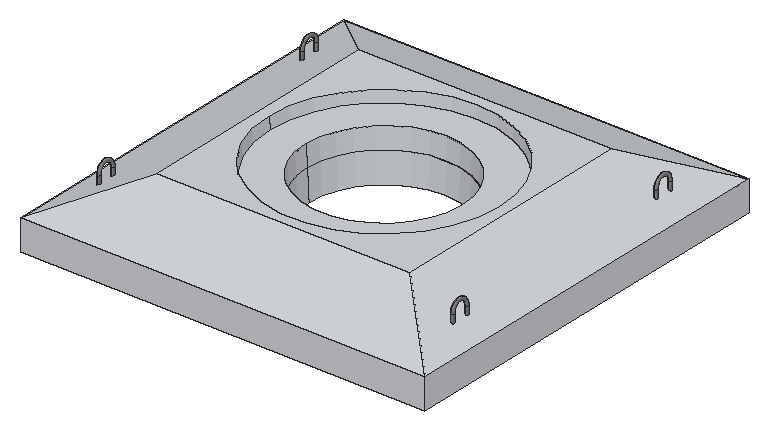
Revit family "110402-00004 Плита перекрытия колодца ККСр-2 ОП-1к-80", category Обобщенные модели, Revit 2019
Family settings
  Может служить основой для арматурных стержней = Нет
  Размер круглого соединителя = Использовать диаметр
  Тип детали = Нормальный
  На основе рабочей плоскости = Нет
  Всегда вертикально = Да
  При загрузке вырезать с полостями = Нет
  Общий = Нет
  Точка расчета площади = Нет
Parameters (values of type "Плита перекрытия колодца ККСр-2 "ОП-1к-80"")
  ADSK_Ширина [instance] = 1600 mm
  ADSK_Ссылка на сайт = "https://www.ssd.ru/plita-opornaya-op-1k-80"
  ADSK_Сертификат соответствия = "https://www.ssd.ru/upload/iblock/ec0/sert_b25_0221.pdf"
  ADSK_Наименование = "Плита перекрытия колодца ККСр-2 \"ОП-1к-80\""
  ADSK_Масса = "1113"
  ADSK_Марка бетона = "В25"
  ADSK_Марка = "ККСр-2 \"ОП-1к-80\""
  ADSK_Код изделия = "110402-00004"
  ADSK_Изготовитель = "АО СВЯЗЬСТРОЙДЕТАЛЬ"
  ADSK_Длина [instance] = 1600 mm
  ADSK_Высота осн [instance] = 250 mm
  ADSK_Высота [instance] = 120 mm
Reference planes
  plane 1 "По центру (Вперед/Назад)": y = 0
  plane 2: z = 0
  plane 3 "По центру (Влево/Вправо)": x = 0
  plane 4: x = -800
  plane 5: x = 800
  plane 6: y = 800
  plane 7: y = -800
  plane 8: z = 120
  plane 9: z = 250
  plane 10: z = 205
Forms (mm)
  Extrusion 1, solid
    sketch origin (0, 0, 0) x (1, 0, 0) y (0, 1, 0)
      loop
        line (-800, 800) -> (-800, -800) -> (800, -800) -> (800, 800) -> (-800, 800)
    from 0 to 120
  Blend 2, solid
    base sketch origin (0, 0, 0) x (1, 0, 0) y (0, 1, 0)
      loop
        line (-800, 800) -> (-800, -800) -> (800, -800) -> (800, 800) -> (-800, 800)
    top sketch origin (0, 0, 0) x (1, 0, 0) y (0, 1, 0)
      loop
        line (-500, 500) -> (-500, -500) -> (500, -500) -> (500, 500) -> (-500, 500)
    from 120 to 250
  Blend 3, void
    base sketch origin (0, 0, 0) x (1, 0, 0) y (0, 1, 0)
      loop
        circle (0, 0) r 452.5
    top sketch origin (0, 0, 0) x (1, 0, 0) y (0, 1, 0)
      loop
        circle (0, 0) r 457.5
    from 205 to 250
  Blend 4, void
    base sketch origin (0, 0, 0) x (1, 0, 0) y (0, 1, 0)
      loop
        circle (0, 0) r 300
    top sketch origin (0, 0, 0) x (1, 0, 0) y (0, 1, 0)
      loop
        circle (0, 0) r 310
    from 0 to 205
  Sweep 5, solid, material "Ж/Б", detail levels fine
    path origin (0, 38, -90) x (0, 1, 0) y (0, 0, 1)
      loop
        line (500, 250) -> (500, 285)
        arc (500, 285) -> (465, 320) -> (430, 285) r 35
        line (430, 285) -> (430, 250)
    profile origin (0, 538, 177.5) x (0, -1, 0) y (1, 0, 0)
      loop
        circle (0, -700) r 6
  Sweep 6, solid, material "Ж/Б", detail levels fine
    path origin (0, 38, -90) x (0, 1, 0) y (0, 0, -1)
      loop
        line (500, -250) -> (500, -285)
        arc (500, -285) -> (465, -320) -> (430, -285) r 35
        line (430, -285) -> (430, -250)
    profile origin (0, 538, 177.5) x (0, 1, 0) y (-1, 0, 0)
      loop
        circle (0, -700) r 6
  Sweep 7, solid, material "Ж/Б", detail levels fine
    path origin (0, -38, -90) x (0, -1, 0) y (0, 0, 1)
      loop
        line (500, 250) -> (500, 285)
        arc (500, 285) -> (465, 320) -> (430, 285) r 35
        line (430, 285) -> (430, 250)
    profile origin (0, -538, 177.5) x (0, 1, 0) y (-1, 0, 0)
      loop
        circle (0, -700) r 6
  Sweep 8, solid, material "Ж/Б", detail levels fine
    path origin (0, -38, -90) x (0, -1, 0) y (0, 0, -1)
      loop
        line (500, -250) -> (500, -285)
        arc (500, -285) -> (465, -320) -> (430, -285) r 35
        line (430, -285) -> (430, -250)
    profile origin (0, -538, 177.5) x (0, -1, 0) y (1, 0, 0)
      loop
        circle (0, -700) r 6
Cuts and joins
  Blend 3, Blend 4 cuts Extrusion 1
  Blend 3, Blend 4 cuts Blend 2
Dimensions and locks
  "ADSK_Длина": plane 4 to plane 5
  "ADSK_Ширина": plane 6 to plane 7
  equal spacing: plane 4, plane 3 "По центру (Влево/Вправо)", plane 5
  equal spacing: plane 6, plane 1 "По центру (Вперед/Назад)", plane 7
  "ADSK_Высота": level to plane 8
  plane 9 to plane 8 = 130 mm
  "ADSK_Высота осн": level to plane 9
  aligned and locked: level to plane 2
  aligned and locked: Extrusion 1 to plane 7
  aligned and locked: plane 5 to Extrusion 1
  aligned and locked: plane 6 to Extrusion 1
  aligned and locked: Extrusion 1 to plane 4
  aligned and locked: plane 8 to Extrusion 1
  aligned and locked: Blend 2 sketch curve to Extrusion 1  (x4)
  aligned and locked: Blend 2 to Extrusion 1
  aligned and locked: plane 9 to Blend 2
  aligned and locked: Blend 3 to plane 10
  aligned and locked: plane 9 to Blend 3
  aligned and locked: plane 10 to Blend 4
  aligned and locked: Blend 4 to level
Automatic sketch dimensions
  Extrusion 1 sketch curve to plane 4 = 0 mm
  Extrusion 1 sketch curve to plane 5 = 0 mm
  Extrusion 1 sketch curve to plane 7 = 0 mm
  Extrusion 1 sketch curve to plane 6 = 0 mm
  plane 4 to Blend 2 sketch curve = 300 mm
  Blend 2 sketch curve to plane 5 = 300 mm
  plane 7 to Blend 2 sketch curve = 300 mm
  Blend 2 sketch curve to plane 6 = 300 mm
  plane 1 "По центру (Вперед/Назад)" to Blend 3 sketch curve = 0 mm  (x2)
  Blend 3 sketch curve to plane 3 "По центру (Влево/Вправо)" = 0 mm  (x2)
  plane 1 "По центру (Вперед/Назад)" to Blend 4 sketch curve = 0 mm  (x2)
  Blend 4 sketch curve to plane 3 "По центру (Влево/Вправо)" = 0 mm  (x2)
  Sweep 5 sketch curve to plane 10 = 10 mm
  Sweep 5 sketch curve to plane 6 = 332 mm
  Sweep 5 sketch curve to Sweep 5 sketch curve = 35 mm  (x3)
  Sweep 5 sketch curve to profile plane = 0 mm
  Sweep 5 sketch curve to plane 3 "По центру (Влево/Вправо)" = 700 mm
  Sweep 6 sketch curve to plane 10 = 10 mm
  Sweep 6 sketch curve to plane 6 = 332 mm
  Sweep 6 sketch curve to Sweep 6 sketch curve = 35 mm  (x3)
  profile plane to Sweep 6 sketch curve = 0 mm
  Sweep 6 sketch curve to profile plane = 700 mm
  Sweep 7 sketch curve to plane 10 = 10 mm
  plane 7 to Sweep 7 sketch curve = 332 mm
  Sweep 7 sketch curve to Sweep 7 sketch curve = 35 mm  (x3)
  profile plane to Sweep 7 sketch curve = 0 mm
  Sweep 7 sketch curve to profile plane = 700 mm
  Sweep 8 sketch curve to plane 10 = 10 mm
  plane 7 to Sweep 8 sketch curve = 332 mm
  Sweep 8 sketch curve to Sweep 8 sketch curve = 35 mm  (x3)
  Sweep 8 sketch curve to profile plane = 0 mm
  Sweep 8 sketch curve to profile plane = 700 mm
  radius of Blend 3 sketch curve = 452.5 mm
  radius of Blend 3 sketch curve = 457.5 mm
  radius of Blend 4 sketch curve = 300 mm
  radius of Blend 4 sketch curve = 310 mm
  radius of Sweep 5 sketch curve = 6 mm
  radius of Sweep 6 sketch curve = 6 mm
  radius of Sweep 7 sketch curve = 6 mm
  radius of Sweep 8 sketch curve = 6 mm
